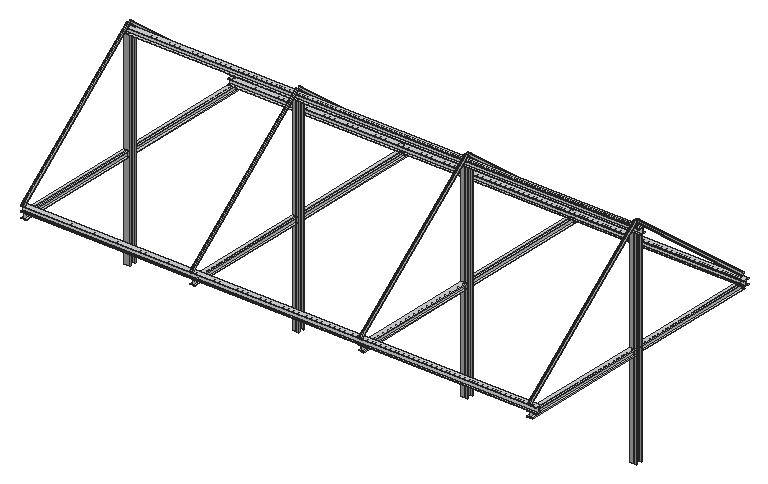
Revit family "Pensilina Line Based", category Generic Models, Revit 2012
Parameters
  built-in parameter 1001306 [instance] = 20.00 m
Reference planes (m)
  plane 1 "Center (Front/Back)": y = 0
  plane 2: z = 0
  plane 3 "Left": x = 0
  plane 4 "Right": x = 20
Lines and regions (m)
  reference lines
    curve 1: line (0, 0, 0) -> (20, 0, 0)
Dimensions and locks (m)
  "built-in parameter 1001306": plane 3 "Left" to plane 4 "Right"
  aligned and locked: plane 4 "Right" to curve 1
  aligned and locked: plane 1 "Center (Front/Back)" to curve 1
  aligned and locked: plane 3 "Left" to curve 1
  aligned and locked: level to plane 2
  aligned and locked: nested 1 to plane 3 "Left"
Nested families (m)
  nested 1: "PENSILINA" at (1.485605, 0.150616, 0) x (0, 1, 0) z (0, 0, 1), type "Pensilina"
Definition of nested family "PENSILINA"
  Parameters (values of type "Pensilina")
    PNSL Y Distanza trave di colmo da trave di bordo [instance] = 0.79 m
    PNSL Y Distanza trave di colmo da bordo non report = 0.79 m
    PNSL Numero totale pilastri = PNSL Lunghezza totale travi longitudinali / 5.00 m  # 4
    PNSL Metà parametro = 0.125 m
    PNSL Lunghezza totale travi longitudinali = 20.00 m
    PNSL Lunghezza totale per array = PNSL Lunghezza totale travi longitudinali - PNSL Larghezza pilastro matrice  # 19.74 m
    PNSL Lunghezza per matrice = 0.00 m
    PNSL Lunghezza braccio = 5.00 m
    PNSL Larghezza pilastro matrice = 0.26 m
    PNSL Estrusione scatolato pitagora = sqrt((PNSL Altezza travi di colmo e bordo ^ 2) + (PNSL Lunghezza braccio ^ 2)) + (PNSL Metà parametro / cos(PNSL Angolo scatolato arctan))  # 6.563202 m
    PNSL Angolo scatolato arctan = 90.00° - atan(PNSL Lunghezza braccio / PNSL Altezza travi di colmo e bordo)  # 38.6598°
    PNSL Altezza pilastro = 8.00 m
    Numero piloni = 6
    PNSL Altezza travi di colmo e bordo = 4.00 m
  Reference planes (m)
    plane 1 "Center (Front/Back)": y = 0
    plane 2: z = 0.7
    plane 3 "Center (Left/Right)": x = 0
    plane 4: y = 30
    plane 5: z = 8.7
    plane 6: z = 4.7
    plane 7: z = 0.7
    plane 8: x = 0.849384
    plane 9: x = 0.974384
    plane 10: x = 0.724384
    plane 11: x = 5.974384
    plane 12: x = -4.275616
    plane 13: z = 8.91
    plane 14: y = 1.485605
    plane 15: z = 4.91
    plane 16: z = 8.7
    plane 17: y = -18.514395
    plane 18: y = -18.254395
  Dimensions and locks (m)
    "PNSL Altezza travi di colmo e bordo": plane 5 to plane 6
    "PNSL Altezza pilastro": plane 5 to plane 7
    equal spacing: plane 10, plane 8, plane 9, locked at 0.125 each
    locked: plane 13 to plane 16 at 0.21
    "PNSL Altezza travi di colmo e bordo": plane 13 to plane 15
    "PNSL Lunghezza braccio": plane 10 to plane 12
    "PNSL Lunghezza braccio": plane 11 to plane 9
    "PNSL Metà parametro": plane 10 to plane 8
    "PNSL Lunghezza totale travi longitudinali": plane 17 to plane 14
    "PNSL Larghezza pilastro matrice": nested 4 to plane 14
    nested 4 to plane 14 = 0.26 m
    "PNSL Lunghezza totale per array": plane 18 to plane 14
    equal spacing: group 1, group 3, group 4, group 2  (x2)
    equal spacing: group 2, group 4, group 3, group 1
    aligned and locked: level to plane 2
    aligned and locked: level to plane 7
    aligned and locked: nested 4 to plane 7
    aligned and locked: plane 8 to nested 3
    aligned and locked: plane 9 to nested 4
    aligned and locked: nested 1 to plane 9
    aligned and locked: plane 11 to nested 2
    aligned and locked: nested 6 to nested 5
    aligned and locked: plane 12 to nested 6
    aligned and locked: plane 13 to nested 3
    aligned and locked: plane 14 to nested 4
    aligned and locked: plane 14 to nested 3
    aligned and locked: nested 6 to plane 14
    aligned and locked: plane 11 to nested 7
    aligned and locked: plane 15 to nested 2
    aligned and locked: plane 15 to nested 7
    aligned and locked: plane 6 to nested 1
    aligned and locked: nested 5 to plane 6
    aligned and locked: plane 16 to nested 3
    aligned and locked: plane 5 to plane 16
    aligned and locked: plane 16 to nested 4
    aligned and locked: plane 12 to nested 8
    aligned and locked: plane 14 to nested 2
    aligned and locked: nested 7 to plane 15
    aligned and locked: nested 8 to plane 15
    aligned and locked: plane 18 to nested 12
  Nested families (m)
    nested 1: "Trave Acciaio HEA orizzontale" at (0.974384, 1.465605, 4.49), type "Trave Acciaio HEA orizzontale"
      with Trave acciaio lunghezza estrusione orizzontale 5.00 m
    nested 2: "Trave Acciaio HEA orizzontalepensilina" at (5.754384, -18.514395, 4.7) x (0, 1, 0) z (0, 0, 1), type "Trave Acciaio HEA orizzontalepensilina"
      with Trave acciaio HEA orizzontale lunghezza pensilina 20.00 m
    nested 3: "Trave Acciaio HEA orizzontalepensilina" at (0.739384, -18.514395, 8.7) x (0, 1, 0) z (0, 0, 1), type "Trave Acciaio HEA orizzontalepensilina"
      with Trave acciaio HEA orizzontale lunghezza pensilina 20.00 m
    nested 4: "Trave Acciaio HEA" at (0.974384, 1.225605, 0.7) x (0, 1, 0) z (0, 0, 1), type "Trave HEA  260"
      with Trave acciaio HEA ALTEZZA 8.00 m
    nested 5: "Trave Acciaio HEA orizzontale" at (0.724384, 1.465605, 4.49) x (-1, 0, 0) z (0, 0, 1), type "Trave Acciaio HEA orizzontale"
      with Trave acciaio lunghezza estrusione orizzontale 5.00 m
    nested 6: "Trave Acciaio HEA orizzontalepensilina" at (-4.055616, -18.514395, 4.7) x (0, 1, 0) z (0, 0, 1), type "Trave Acciaio HEA orizzontalepensilina"
      with Trave acciaio HEA orizzontale lunghezza pensilina 20.00 m
    nested 7: "ScatolatoSTEFANO" at (5.974384, 1.359355, 4.91) x (0, 1, 0) z (0, 0, 1), type "ScatolatoSTEFANO"
      with Parametroangolare 38.6598°, Lunghezzascatolato 6.563202 m
    nested 8: "ScatolatoSTEFANO" at (-4.275616, 1.359355, 4.91) x (0, 1, 0) z (0, 0, 1), type "ScatolatoSTEFANO"
      with Parametroangolare 38.6598°, Lunghezzascatolato 6.563202 m
    nested 9: "Trave Acciaio HEA orizzontale" at (0.974384, -18.148145, 4.49), type "Trave Acciaio HEA orizzontale"
      with Trave acciaio lunghezza estrusione orizzontale 5.00 m
    nested 10: "Trave Acciaio HEA" at (0.974384, -18.388145, 0.7) x (0, 1, 0) z (0, 0, 1), type "Trave HEA  260"
      with Trave acciaio HEA ALTEZZA 8.00 m
    nested 11: "Trave Acciaio HEA orizzontale" at (0.724384, -18.148145, 4.49) x (-1, 0, 0) z (0, 0, 1), type "Trave Acciaio HEA orizzontale"
      with Trave acciaio lunghezza estrusione orizzontale 5.00 m
    nested 12: "ScatolatoSTEFANO" at (5.974384, -18.254395, 4.91) x (0, 1, 0) z (0, 0, 1), type "ScatolatoSTEFANO"
      with Parametroangolare 38.6598°, Lunghezzascatolato 6.563202 m
    nested 13: "ScatolatoSTEFANO" at (-4.275616, -18.254395, 4.91) x (0, 1, 0) z (0, 0, 1), type "ScatolatoSTEFANO"
      with Parametroangolare 38.6598°, Lunghezzascatolato 6.563202 m
    nested 14: "Trave Acciaio HEA orizzontale" at (0.974384, -5.072312, 4.49), type "Trave Acciaio HEA orizzontale"
      with Trave acciaio lunghezza estrusione orizzontale 5.00 m
    nested 15: "Trave Acciaio HEA" at (0.974384, -5.312312, 0.7) x (0, 1, 0) z (0, 0, 1), type "Trave HEA  260"
      with Trave acciaio HEA ALTEZZA 8.00 m
    nested 16: "Trave Acciaio HEA orizzontale" at (0.724384, -5.072312, 4.49) x (-1, 0, 0) z (0, 0, 1), type "Trave Acciaio HEA orizzontale"
      with Trave acciaio lunghezza estrusione orizzontale 5.00 m
    nested 17: "ScatolatoSTEFANO" at (5.974384, -5.178562, 4.91) x (0, 1, 0) z (0, 0, 1), type "ScatolatoSTEFANO"
      with Parametroangolare 38.6598°, Lunghezzascatolato 6.563202 m
    nested 18: "ScatolatoSTEFANO" at (-4.275616, -5.178562, 4.91) x (0, 1, 0) z (0, 0, 1), type "ScatolatoSTEFANO"
      with Parametroangolare 38.6598°, Lunghezzascatolato 6.563202 m
    nested 19: "Trave Acciaio HEA orizzontale" at (0.974384, -11.610228, 4.49), type "Trave Acciaio HEA orizzontale"
      with Trave acciaio lunghezza estrusione orizzontale 5.00 m
    nested 20: "Trave Acciaio HEA" at (0.974384, -11.850228, 0.7) x (0, 1, 0) z (0, 0, 1), type "Trave HEA  260"
      with Trave acciaio HEA ALTEZZA 8.00 m
    nested 21: "Trave Acciaio HEA orizzontale" at (0.724384, -11.610228, 4.49) x (-1, 0, 0) z (0, 0, 1), type "Trave Acciaio HEA orizzontale"
      with Trave acciaio lunghezza estrusione orizzontale 5.00 m
    nested 22: "ScatolatoSTEFANO" at (5.974384, -11.716478, 4.91) x (0, 1, 0) z (0, 0, 1), type "ScatolatoSTEFANO"
      with Parametroangolare 38.6598°, Lunghezzascatolato 6.563202 m
    nested 23: "ScatolatoSTEFANO" at (-4.275616, -11.716478, 4.91) x (0, 1, 0) z (0, 0, 1), type "ScatolatoSTEFANO"
      with Parametroangolare 38.6598°, Lunghezzascatolato 6.563202 m
  Definition of nested family "Trave Acciaio HEA orizzontale"
    Parameters (values of type "Trave Acciaio HEA orizzontale")
      Trave acciao HEA Lunghezza = 0.21 m
      Trave acciaio lunghezza estrusione orizzontale = 3.00 m
      Trave acciaio HEA Spessore lingue = 0.011 m
      Trave acciaio HEA Spessore anima diviso due = 0.0035 m
    Reference planes (m)
      plane 1 "Center (Front/Back)": y = 0
      plane 2: z = 0
      plane 3 "Center (Left/Right)": x = 0
      plane 4: z = 0.21
      plane 5: y = -0.22
      plane 6: y = -0.11
      plane 7: z = 0.105
      plane 8: z = 0.199
      plane 9: z = 0.011
      plane 10: y = -0.1065
      plane 11: y = -0.1135
      plane 12: x = 3
    Forms (m)
      Extrusion 1, solid
        sketch origin (0, 0, 0) x (0, 1, 0) y (0, 0, 1)
          loop
            line (0, 0.204528) -> (0, 0.21) -> (-0.22, 0.21) -> (-0.22, 0.199) -> (-0.1135, 0.199) -> (-0.1135, 0.011) -> (-0.22, 0.011) -> (-0.22, 0) -> (0, 0) -> (0, 0.011) -> (-0.1065, 0.011) -> (-0.1065, 0.199) -> (0, 0.199) -> (0, 0.204528)
        from 0 to 3
    Dimensions and locks (m)
      equal spacing: plane 1 "Center (Front/Back)", plane 6, plane 5
      equal spacing: plane 2, plane 7, plane 4
      "Trave acciaio HEA Spessore lingue": plane 9 to plane 2
      "Trave acciaio HEA Spessore lingue": plane 8 to plane 4
      "Trave acciaio HEA Spessore anima diviso due": plane 10 to plane 6
      "Trave acciaio HEA Spessore anima diviso due": plane 11 to plane 6
      "Trave acciao HEA Lunghezza": level to Extrusion 1
      "Trave acciao HEA Lunghezza": plane 4 to plane 2
      "Trave acciaio lunghezza estrusione orizzontale": plane 12 to plane 3 "Center (Left/Right)"
      aligned and locked: level to plane 2
      aligned and locked: plane 11 to Extrusion 1
      aligned and locked: Extrusion 1 to plane 10
      aligned and locked: plane 9 to Extrusion 1
      aligned and locked: Extrusion 1 to level
      aligned and locked: plane 12 to Extrusion 1
    Automatic sketch dimensions
      Extrusion 1 sketch curve to plane 5 = 0.00 m  (x2)
      Extrusion 1 sketch curve to plane 8 = 0.00 m  (x2)
      Extrusion 1 sketch curve to plane 11 = 0.00 m
      Extrusion 1 sketch curve to plane 10 = 0.00 m
      Extrusion 1 sketch curve to level = 0.00 m
      Extrusion 1 sketch curve to plane 1 "Center (Front/Back)" = 0.00 m  (x2)
      Extrusion 1 sketch curve to plane 9 = 0.00 m  (x2)
      Extrusion 1 sketch curve to plane 4 = 0.005472 m
      Extrusion 1 sketch curve to Extrusion 1 sketch curve = 0.005472 m
  Definition of nested family "Trave Acciaio HEA orizzontalepensilina"
    Parameters (values of type "Trave Acciaio HEA orizzontalepensilina")
      Trave acciao HEA Lunghezza = 0.21 m
      Trave acciaio lunghezza estrusione orizzontale = 4.46 m
      Trave acciaio HEA orizzontale lunghezza pensilina = 15.00 m
      Trave acciaio HEA Spessore lingue = 0.011 m
      Trave acciaio HEA Spessore anima diviso due = 0.0035 m
    Reference planes (m)
      plane 1 "Center (Front/Back)": y = 0
      plane 2: z = 0
      plane 3 "Center (Left/Right)": x = 0
      plane 4: z = 0.21
      plane 5: y = -0.22
      plane 6: y = -0.11
      plane 7: z = 0.105
      plane 8: z = 0.199
      plane 9: z = 0.011
      plane 10: y = -0.1065
      plane 11: y = -0.1135
      plane 12: x = 15
    Forms (m)
      Extrusion 1, solid
        sketch origin (0, 0, 0) x (0, 1, 0) y (0, 0, 1)
          loop
            line (0, 0.204528) -> (0, 0.21) -> (-0.22, 0.21) -> (-0.22, 0.199) -> (-0.1135, 0.199) -> (-0.1135, 0.011) -> (-0.22, 0.011) -> (-0.22, 0) -> (0, 0) -> (0, 0.011) -> (-0.1065, 0.011) -> (-0.1065, 0.199) -> (0, 0.199) -> (0, 0.204528)
        from 0 to 15
    Dimensions and locks (m)
      equal spacing: plane 1 "Center (Front/Back)", plane 6, plane 5
      equal spacing: plane 2, plane 7, plane 4
      "Trave acciaio HEA Spessore lingue": plane 9 to plane 2
      "Trave acciaio HEA Spessore lingue": plane 8 to plane 4
      "Trave acciaio HEA Spessore anima diviso due": plane 10 to plane 6
      "Trave acciaio HEA Spessore anima diviso due": plane 11 to plane 6
      "Trave acciao HEA Lunghezza": level to Extrusion 1
      "Trave acciao HEA Lunghezza": plane 4 to plane 2
      "Trave acciaio HEA orizzontale lunghezza pensilina": plane 12 to plane 3 "Center (Left/Right)"
      plane 12 to plane 3 "Center (Left/Right)" = 15.00 m
      aligned and locked: level to plane 2
      aligned and locked: plane 11 to Extrusion 1
      aligned and locked: Extrusion 1 to plane 10
      aligned and locked: plane 9 to Extrusion 1
      aligned and locked: Extrusion 1 to level
      aligned and locked: plane 12 to Extrusion 1
    Automatic sketch dimensions
      Extrusion 1 sketch curve to plane 5 = 0.00 m  (x2)
      Extrusion 1 sketch curve to plane 8 = 0.00 m  (x2)
      Extrusion 1 sketch curve to plane 11 = 0.00 m
      Extrusion 1 sketch curve to plane 10 = 0.00 m
      Extrusion 1 sketch curve to level = 0.00 m
      Extrusion 1 sketch curve to plane 1 "Center (Front/Back)" = 0.00 m  (x2)
      Extrusion 1 sketch curve to plane 9 = 0.00 m  (x2)
      Extrusion 1 sketch curve to plane 4 = 0.005472 m
      Extrusion 1 sketch curve to Extrusion 1 sketch curve = 0.005472 m
  Definition of nested family "Trave Acciaio HEA"
    Parameters (values of type "Trave HEA  260")
      Trave accicio HEA Raggio raccordo = 0.0024 m
      Trave acciao HEA Lunghezza = 0.25 m
      Trave acciaio HEA materiale = Acciaio trave
      Trave acciaio HEA altezza [instance] = 5.80 m
      Trave acciaio HEA Spessore lingue = 0.0125 m
      Trave acciaio HEA Spessore anima diviso due = Trave acciaio HEA Spessore anima / 2  # 0.00375 m
      Trave acciaio HEA Spessore anima = 0.0075 m
      Trave acciaio HEA Peso trave = 0.00 kip
      Trave acciaio HEA Peso lineare = 680 N/m
      Trave acciaio HEA Larghezza = 0.26 m
      Trave acciaio HEA Altezza estrusione [instance] = 5.60 m
      Trave acciaio HEA ALTEZZA = 5.00 m
    Types (3, lengths in m): name | Trave accicio HEA Raggio raccordo | Trave acciao HEA Lunghezza | Trave acciaio HEA altezza | Trave acciaio HEA Spessore lingue | Trave acciaio HEA Spessore anima diviso due | Trave acciaio HEA Spessore anima | Trave acciaio HEA Peso lineare | Trave acciaio HEA Larghezza | Trave acciaio HEA Altezza estrusione | Trave acciaio HEA ALTEZZA
      (no name) | 0.0024 | 0.25 | 5.80 | 0.0125 | 0.00375 | 0.0075 | 680 N/m | 0.26 | 5.60 | 5.00
      Trave HEA  260 | 0.0024 | 0.25 | 5.80 | 0.0125 | 0.00375 | 0.0075 | 680 N/m | 0.26 | 5.60 | 5.00
      Trave HEA 300 | 0.014 | 0.29 | 7.00 | 0.014 | 0.00425 | 0.0085 | 880 N/m | 0.30 | 7.00 | 6.432193
    Reference planes (m)
      plane 1 "Center (Front/Back)": y = 0
      plane 2: z = 0
      plane 3 "Center (Left/Right)": x = 0
      plane 4: y = 0.25
      plane 5: x = 0.26
      plane 6: y = 0.2375
      plane 7: y = 0.0125
      plane 8: x = 0.13
      plane 9: x = 0.13375
      plane 10: x = 0.12625
      plane 11: z = 5
    Forms (m)
      Extrusion 1, solid, material "Acciaio trave" <- "Trave acciaio HEA materiale"
        sketch origin (0, 0, 0) x (1, 0, 0) y (0, 1, 0)
          loop
            line (0, 0.25) -> (0, 0.2375) -> (0.12385, 0.2375)
            arc (0.12385, 0.2375) -> (0.125547, 0.236797) -> (0.12625, 0.2351) r 0.0024
            line (0.12625, 0.2351) -> (0.12625, 0.0149)
            arc (0.12625, 0.0149) -> (0.125547, 0.013203) -> (0.12385, 0.0125) r 0.0024
            line (0.12385, 0.0125) -> (0, 0.0125) -> (0, 0) -> (0.26, 0) -> (0.26, 0.0125) -> (0.13615, 0.0125)
            arc (0.13615, 0.0125) -> (0.134453, 0.013203) -> (0.13375, 0.0149) r 0.0024
            line (0.13375, 0.0149) -> (0.13375, 0.2351)
            arc (0.13375, 0.2351) -> (0.134453, 0.236797) -> (0.13615, 0.2375) r 0.0024
            line (0.13615, 0.2375) -> (0.26, 0.2375) -> (0.26, 0.25) -> (0, 0.25)
        from 0 to 5
    Dimensions and locks (m)
      "Trave acciaio HEA Larghezza": plane 5 to plane 3 "Center (Left/Right)"
      "Trave acciaio HEA Spessore lingue": plane 6 to plane 4
      "Trave acciaio HEA Spessore lingue": plane 7 to plane 1 "Center (Front/Back)"
      plane 7 to plane 6 = 0.225 m
      "Trave acciao HEA Lunghezza": plane 4 to plane 1 "Center (Front/Back)"
      plane 5 to plane 8 to plane 3 "Center (Left/Right)" = 0.13 m, 0.13 m
      "Trave acciaio HEA Spessore anima diviso due": plane 9 to plane 8
      "Trave acciaio HEA Spessore anima diviso due": plane 10 to plane 8
      "Trave acciaio HEA ALTEZZA": plane 11 to plane 2
      "Trave accicio HEA Raggio raccordo": radius of Extrusion 1 sketch curve  (x4)
      aligned and locked: level to plane 2
      aligned and locked: plane 4 to Extrusion 1
      aligned and locked: Extrusion 1 to plane 6  (x2)
      aligned and locked: plane 7 to Extrusion 1  (x2)
      aligned and locked: Extrusion 1 to plane 10
      aligned and locked: Extrusion 1 to plane 9
      aligned and locked: plane 11 to Extrusion 1
    Automatic sketch dimensions
      Extrusion 1 sketch curve to plane 3 "Center (Left/Right)" = 0.00 m  (x2)
      plane 7 to Extrusion 1 sketch curve = 0.00 m  (x2)
      Extrusion 1 sketch curve to plane 6 = 0.00 m  (x2)
      plane 1 "Center (Front/Back)" to Extrusion 1 sketch curve = 0.00 m
      Extrusion 1 sketch curve to plane 5 = 0.00 m  (x2)
      plane 4 to Extrusion 1 sketch curve = 0.00 m
      Extrusion 1 sketch curve to plane 5 = 0.12625 m
      plane 3 "Center (Left/Right)" to Extrusion 1 sketch curve = 0.12385 m
  Definition of nested family "ScatolatoSTEFANO"
    Parameters (values of type "ScatolatoSTEFANO")
      Spessore scatolato = 0.004 m
      Raccordo interno = Raccordo esterno  # 0.01 m
      Raccordo esterno = 0.01 m
      Parametroangolare = 0.00°
      Lunghezzascatolato = 2.00 m
      Larghezza scatolato = 0.08 m
      Altezza scatolato = 0.08 m
    Reference planes (m)
      plane 1 "Center (Front/Back)": y = 0
      plane 2: z = 0
      plane 3 "Center (Left/Right)": x = 0
      plane 4: x = -0.04
      plane 5: x = 0.04
      plane 6: z = 0
      plane 7: z = 0.12
      plane 8: x = -0.036
      plane 9: z = 0.116
      plane 10: z = 0.004
      plane 11: x = 0.036
    Forms (m)
      Sweep 1, solid
        path in 3D
          loop
            line (0, 2, 0) -> (0, 0, 0)
        profile origin (0, 1, 0) x (0, 0, -1) y (1, 0, 0)
          loop
            arc (-0.12, -0.026) -> (-0.115899, -0.035899) -> (-0.106, -0.04) r 0.014
            line (-0.106, -0.04) -> (-0.014, -0.04)
            arc (-0.014, -0.04) -> (-0.004101, -0.035899) -> (0, -0.026) r 0.014
            line (0, -0.026) -> (0, 0.026)
            arc (0, 0.026) -> (-0.004101, 0.035899) -> (-0.014, 0.04) r 0.014
            line (-0.014, 0.04) -> (-0.106, 0.04)
            arc (-0.106, 0.04) -> (-0.115899, 0.035899) -> (-0.12, 0.026) r 0.014
            line (-0.12, 0.026) -> (-0.12, -0.026)
          loop
            arc (-0.004, 0.026) -> (-0.006929, 0.033071) -> (-0.014, 0.036) r 0.01
            line (-0.014, 0.036) -> (-0.106, 0.036)
            arc (-0.106, 0.036) -> (-0.113071, 0.033071) -> (-0.116, 0.026) r 0.01
            line (-0.116, 0.026) -> (-0.116, -0.026)
            arc (-0.116, -0.026) -> (-0.113071, -0.033071) -> (-0.106, -0.036) r 0.01
            line (-0.106, -0.036) -> (-0.014, -0.036)
            arc (-0.014, -0.036) -> (-0.006929, -0.033071) -> (-0.004, -0.026) r 0.01
            line (-0.004, -0.026) -> (-0.004, 0.026)
    Lines and regions (m)
      reference lines
        curve 1: line (0, 2, 0) -> (0, 0, 0)
      sketch lines
        curve 2: line (0, 2, 0) -> (0, 0, 0)
    Dimensions and locks (m)
      equal spacing: plane 5, plane 3 "Center (Left/Right)", plane 4
      "Lunghezzascatolato": curve 1 to curve 1
      "Larghezza scatolato": plane 5 to plane 4
      "Spessore scatolato": plane 8 to plane 4
      "Spessore scatolato": plane 5 to plane 11
      "Raccordo interno": radius of Sweep 1 sketch curve  (x4)
      "Parametroangolare": angle level to curve 1
      aligned and locked: level to plane 2
      aligned and locked: Sweep 1 sketch curve to plane 5
      aligned and locked: plane 4 to Sweep 1 sketch curve
      aligned and locked: Sweep 1 sketch curve to plane 11
      aligned and locked: plane 8 to Sweep 1 sketch curve
    Automatic sketch dimensions
      curve 1 to level = 0.00 m
      curve 1 to plane 1 "Center (Front/Back)" = 0.00 m
      Sweep 1 sketch curve to Sweep 1 sketch curve = 0.00 m  (x6)
      Sweep 1 sketch curve to Sweep 1 sketch curve = 0.092 m
      Sweep 1 sketch curve to profile plane = 0.00 m
